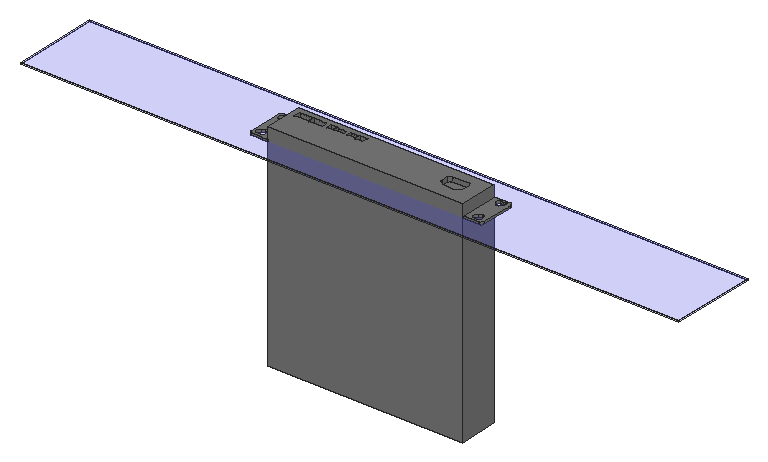
Revit family "QSC SPA2-60 Amplifier Rear Facing Rackmount", category Generic Models, host Face, Revit 2014
Parameters (values of type "SPA2-60 @ 100VAC")
  Width = 8.663"  # constant formula
  Weight Product (lb) = 3.5  # constant formula
  Weight Product (kg) = 1.1  # constant formula
  Weight Dimensional (lb) = 6  # constant formula
  Weight Dimensional (kg) = 2.3  # constant formula
  Voltage AC = "100-240 at 50-60 Hz"  # constant formula
  URL = "http://qsc.com/products/Power_Amplifiers/Spa_Series/SPA2-60/"
  Sustainability Rating = "Energy Star"  # constant formula
  Show Right Ear Short [instance] = yes
  Show Right Ear Long [instance] = no
  Show Left Ear Short [instance] = yes
  Show Left Ear Long [instance] = no
  Regulatory Compliance = "UL, CE, RoHS/WEEE, FCC Class B"  # constant formula
  Product Page URL = "http://qsc.com/products/Power_Amplifiers/Spa_Series/SPA2-60/\r\n\r\n\r\n."
  Product Documentation Link = "http://qsc.com/files/8714/4192/0733/SPA_Series_Specsheet_English.pdf"
  Power Standby = 24  # constant formula
  Power Peak = 150
  Power Active = 90
  Model = "SPA2-60"
  Manufacturer URL = "http://www.qscaudio.com"
  Manufacturer = "QSC Audio Products, LLC"  # constant formula
  Height = 1.730"  # constant formula
  Heat Load Standby = 33  # constant formula
  Heat Load Active = 61  # constant formula
  Face Depth = 0.0788"
  Description = "2 Channel 60 Watt/Channel Amplfier"
  Depth = 9.48819"  # constant formula
  Default Elevation = 0.000"
  Current Draw = 1.5
  Enclosure Material [instance] = Dark Gray Finish
  Amp Only Width = 8.663"  # constant formula
Types (4): name | Power Peak | Power Active | Current Draw
  (no name) | 150 | 90 | 1.5
  SPA2-60 @ 100VAC | 150 | 90 | 1.5
  SPA2-60 @ 120VAC | 180 | 84 | 1.5
  SPA2-60 @ 230VAC | 161 | 138 | 0.7
Reference planes (in)
  plane 1 "Center (Front/Back)": y = 0
  plane 2: z = 0
  plane 3 "Center (Left/Right)": x = 0
  plane 4 "Left": x = -4.3315
  plane 5 "Right": x = 4.3315
  plane 6 "Top": y = 0.865
  plane 7 "Bottom": y = -0.865
  plane 8 "Back": z = -8.93019
  plane 9 "Right Extend Ear": x = 13.8135
  plane 10 "Left Extend Ear": x = -13.8135
  plane 11 "Left Short Ear": x = -5.1529
  plane 12 "Right Short Ear": x = 5.1529
  plane 13 "Front": z = 0.558
  plane 14: z = -4.18609
Forms (in)
  Extrusion 1, solid, material "Glass"
    sketch origin (0, 0, 0) x (1, 0, 0) y (0, 1, 0)
      loop
        line (-14.5, 1.9685) -> (-14.5, -1.88975) -> (14.73031, -1.88975) -> (14.73031, 1.9685) -> (-14.5, 1.9685)
    from 0 to -0.079
  Extrusion 2, solid, material "Dark Gray Finish" <- "Enclosure Material", visible <- "Show Left Ear Short"
    sketch origin (0, 0, 0) x (1, 0, 0) y (0, 1, 0)
      loop
        arc (-5.02784, 0.865) -> (-5.11623, 0.82839) -> (-5.1529, 0.74) r 0.125
        line (-5.1529, 0.74) -> (-5.15284, -0.74)
        arc (-5.15284, -0.74) -> (-5.11623, -0.82839) -> (-5.02784, -0.865) r 0.125
        line (-5.02784, -0.865) -> (-4.3315, -0.865) -> (-4.3315, 0.865) -> (-5.02784, 0.865)
      loop
        line (-4.7552, 0.76559) -> (-4.893, 0.76559)
        arc (-4.893, 0.76559) -> (-5.0266, 0.64002) -> (-4.90953, 0.4989) r 0.13386
        arc (-4.90953, 0.4989) -> (-4.8241, 0.41343) -> (-4.73867, 0.4989) r 0.08543
        arc (-4.73867, 0.4989) -> (-4.6216, 0.64002) -> (-4.7552, 0.76559) r 0.13386
      loop
        arc (-4.7552, -0.75213) -> (-4.6216, -0.62655) -> (-4.73867, -0.48543) r 0.13386
        arc (-4.73867, -0.48543) -> (-4.8241, -0.39996) -> (-4.90953, -0.48543) r 0.08543
        arc (-4.90953, -0.48543) -> (-5.0266, -0.62655) -> (-4.893, -0.75213) r 0.13386
        line (-4.893, -0.75213) -> (-4.7552, -0.75213)
    from 0 to 0.0788 <- "Face Depth"
  Extrusion 3, solid, material "Dark Gray Finish" <- "Enclosure Material", visible <- "Show Right Ear Short"
    sketch origin (0, 0, 0) x (-1, 0, 0) y (0, -1, 0)
      loop
        line (-5.02784, -0.865) -> (-4.3315, -0.865) -> (-4.3315, 0.865) -> (-5.02784, 0.865)
        arc (-5.02784, 0.865) -> (-5.11623, 0.82839) -> (-5.15284, 0.74) r 0.125
        line (-5.15284, 0.74) -> (-5.1529, -0.74)
        arc (-5.1529, -0.74) -> (-5.11623, -0.82839) -> (-5.02784, -0.865) r 0.125
      loop
        arc (-4.7552, -0.76559) -> (-4.6216, -0.64002) -> (-4.73867, -0.4989) r 0.13386
        arc (-4.73867, -0.4989) -> (-4.8241, -0.41343) -> (-4.90953, -0.4989) r 0.08543
        arc (-4.90953, -0.4989) -> (-5.0266, -0.64002) -> (-4.893, -0.76559) r 0.13386
        line (-4.893, -0.76559) -> (-4.7552, -0.76559)
      loop
        line (-4.7552, 0.75213) -> (-4.893, 0.75213)
        arc (-4.893, 0.75213) -> (-5.0266, 0.62655) -> (-4.90953, 0.48543) r 0.13386
        arc (-4.90953, 0.48543) -> (-4.8241, 0.39996) -> (-4.73867, 0.48543) r 0.08543
        arc (-4.73867, 0.48543) -> (-4.6216, 0.62655) -> (-4.7552, 0.75213) r 0.13386
    from 0 to 0.0788 <- "Face Depth"
  Extrusion 4, solid, material "Dark Gray Finish" <- "Enclosure Material", visible <- "Show Right Ear Long"
    sketch origin (0, 0, 0) x (-1, 0, 0) y (0, -1, 0)
      loop
        arc (-13.55582, -0.49787) -> (-13.68968, -0.63173) -> (-13.55582, -0.76559) r 0.13386
        line (-13.55582, -0.76559) -> (-13.41803, -0.76559)
        arc (-13.41803, -0.76559) -> (-13.28417, -0.63173) -> (-13.41803, -0.49787) r 0.13386
        line (-13.41803, -0.49787) -> (-13.55582, -0.49787)
      loop
        arc (-13.55582, 0.75213) -> (-13.68968, 0.61827) -> (-13.55582, 0.48441) r 0.13386
        line (-13.55582, 0.48441) -> (-13.41803, 0.48441)
        arc (-13.41803, 0.48441) -> (-13.28417, 0.61827) -> (-13.41803, 0.75213) r 0.13386
        line (-13.41803, 0.75213) -> (-13.55582, 0.75213)
      loop
        line (-13.8135, 0.74) -> (-13.8135, -0.74)
        arc (-13.8135, -0.74) -> (-13.77689, -0.82839) -> (-13.6885, -0.865) r 0.125
        line (-13.6885, -0.865) -> (-4.3315, -0.865) -> (-4.3315, 0.865) -> (-13.6885, 0.865)
        arc (-13.6885, 0.865) -> (-13.77689, 0.82839) -> (-13.8135, 0.74) r 0.125
    from 0 to 0.0788 <- "Face Depth"
  Extrusion 5, solid, material "Dark Gray Finish" <- "Enclosure Material", visible <- "Show Left Ear Long"
    sketch origin (0, 0, 0) x (1, 0, 0) y (0, 1, 0)
      loop
        line (-13.55582, 0.49787) -> (-13.41803, 0.49787)
        arc (-13.41803, 0.49787) -> (-13.28417, 0.63173) -> (-13.41803, 0.76559) r 0.13386
        line (-13.41803, 0.76559) -> (-13.55582, 0.76559)
        arc (-13.55582, 0.76559) -> (-13.68968, 0.63173) -> (-13.55582, 0.49787) r 0.13386
      loop
        line (-13.55582, -0.75213) -> (-13.41803, -0.75213)
        arc (-13.41803, -0.75213) -> (-13.28417, -0.61827) -> (-13.41803, -0.48441) r 0.13386
        line (-13.41803, -0.48441) -> (-13.55582, -0.48441)
        arc (-13.55582, -0.48441) -> (-13.68968, -0.61827) -> (-13.55582, -0.75213) r 0.13386
      loop
        arc (-13.8135, -0.74) -> (-13.77689, -0.82839) -> (-13.6885, -0.865) r 0.125
        line (-13.6885, -0.865) -> (-4.3315, -0.865) -> (-4.3315, 0.865) -> (-13.6885, 0.865)
        arc (-13.6885, 0.865) -> (-13.77689, 0.82839) -> (-13.8135, 0.74) r 0.125
        line (-13.8135, 0.74) -> (-13.8135, -0.74)
    from 0 to 0.0788 <- "Face Depth"
  Extrusion 6, solid, material "Dark Gray Finish" <- "Enclosure Material"
    sketch origin (0, -0.865, -9.33059) x (-1, 0, 0) y (0, 0, 1)
      loop
        line (4.3315, 0.4004) -> (4.3315, 9.88859) -> (-4.3315, 9.88859) -> (-4.3315, 0.4004) -> (4.3315, 0.4004)
    from 0 to 1.73 <- "Height"
  Extrusion 7, void
    sketch origin (-16.617, -180, 0.558) x (0, -1, 0) y (-1, 0, 0)
      loop
        line (-180.64625, -12.48598) -> (-180.64625, -13.09621) -> (-180.33317, -13.09621) -> (-180.33317, -12.48598) -> (-180.64625, -12.48598)
      loop
        line (-180.33317, -13.74582) -> (-180.33317, -13.13558) -> (-180.64625, -13.13558) -> (-180.64625, -13.74582) -> (-180.33317, -13.74582)
      loop
        line (-180.40133, -13.88153) -> (-180.63567, -13.88153) -> (-180.63567, -14.14216) -> (-180.40133, -14.14216) -> (-180.40133, -13.88153)
      loop
        line (-180.63567, -14.62956) -> (-180.40133, -14.62956) -> (-180.40133, -14.18153) -> (-180.63567, -14.18153) -> (-180.63567, -14.62956)
      loop
        line (-180.40133, -14.7585) -> (-180.63567, -14.7585) -> (-180.63567, -15.11283) -> (-180.40133, -15.11283) -> (-180.40133, -14.7585)
      loop
        line (-180.63567, -15.50653) -> (-180.40133, -15.50653) -> (-180.40133, -15.1522) -> (-180.63567, -15.1522) -> (-180.63567, -15.50653)
      loop
        line (-180.39444, -19.45244) -> (-180.39444, -20.20139)
        arc (-180.39444, -20.20139) -> (-180.36012, -20.28426) -> (-180.27725, -20.31858) r 0.11719
        line (-180.27725, -20.31858) -> (-179.95436, -20.31858)
        arc (-179.95436, -20.31858) -> (-179.92446, -20.31263) -> (-179.89912, -20.2957) r 0.07813
        line (-179.89912, -20.2957) -> (-179.74803, -20.14461)
        arc (-179.74803, -20.14461) -> (-179.73109, -20.11927) -> (-179.72515, -20.08937) r 0.07813
        line (-179.72515, -20.08937) -> (-179.72515, -19.56354)
        arc (-179.72515, -19.56354) -> (-179.73109, -19.53364) -> (-179.74803, -19.5083) r 0.07813
        line (-179.74803, -19.5083) -> (-179.89912, -19.35721)
        arc (-179.89912, -19.35721) -> (-179.92446, -19.34028) -> (-179.95436, -19.33433) r 0.07813
        line (-179.95436, -19.33433) -> (-180.27633, -19.33433)
        arc (-180.27633, -19.33433) -> (-180.35985, -19.36892) -> (-180.39444, -19.45244) r 0.11811
    from 0 to 0.19685
  Extrusion 8, void
    sketch origin (0, 0, -8.93019) x (1, 0, 0) y (0, 1, 0)
      loop
        line (-0.1475, 0.55192) -> (-3.85217, 0.55192)
        arc (-3.85217, 0.55192) -> (-3.96265, 0.50615) -> (-4.00842, 0.39567) r 0.15625
        line (-4.00842, 0.39567) -> (-4.00842, 0.03888)
        arc (-4.00842, 0.03888) -> (-3.96265, -0.07161) -> (-3.85217, -0.11737) r 0.15625
        line (-3.85217, -0.11737) -> (-0.1475, -0.11737)
        arc (-0.1475, -0.11737) -> (-0.03701, -0.07161) -> (0.00875, 0.03888) r 0.15625
        line (0.00875, 0.03888) -> (0.00875, 0.39567)
        arc (0.00875, 0.39567) -> (-0.03701, 0.50615) -> (-0.1475, 0.55192) r 0.15625
    from 0 to 0.079
Cuts and joins
  Extrusion 7, Extrusion 8 cuts Extrusion 6
Lines and regions (in)
  model lines, style "GenericModel", not visible, detail levels fine
    curve 1: line (13.55599, -1.01274, 0.03125) -> (13.46873, -0.89778, 0.03125)
    curve 2: line (13.46873, -0.89778, 0.03125) -> (13.55599, -1.01274, 0.03125)
    curve 3: line (13.15237, -0.99839, 0.03125) -> (13.18534, -0.8798, 0.03125)
    curve 4: line (13.18534, -0.8798, 0.03125) -> (13.15237, -0.99839, 0.03125)
    curve 5: line (13.20744, -1.07691, 0.03125) -> (13.18283, -0.85745, 0.03125)
    curve 6: line (13.18283, -0.85745, 0.03125) -> (13.20744, -1.07691, 0.03125)
    curve 7: line (13.67283, -0.92336, 0.03125) -> (13.75064, -0.98053, 0.03125)
    curve 8: line (13.75064, -0.98053, 0.03125) -> (13.67283, -0.92336, 0.03125)
    curve 17: line (-3.35339, 0.42119, 0) -> (-3.44988, 0.54832, 0)
    curve 18: line (-3.44988, 0.54832, 0) -> (-3.35339, 0.42119, 0)
    curve 19: line (-3.7997, 0.43707, 0) -> (-3.76325, 0.5682, 0)
    curve 20: line (-3.76325, 0.5682, 0) -> (-3.7997, 0.43707, 0)
    curve 21: line (-3.73881, 0.35024, 0) -> (-3.76602, 0.59291, 0)
    curve 22: line (-3.76602, 0.59291, 0) -> (-3.73881, 0.35024, 0)
    curve 23: line (-3.22419, 0.52002, 0) -> (-3.13815, 0.45681, 0)
    curve 24: line (-3.13815, 0.45681, 0) -> (-3.22419, 0.52002, 0)
    curve 29: line (0.11657, 3.50981, -0.4004) -> (0.02008, 3.63693, -0.4004)
    curve 30: line (0.02008, 3.63693, -0.4004) -> (0.11657, 3.50981, -0.4004)
    curve 31: line (-0.32975, 3.52568, -0.4004) -> (-0.29329, 3.65681, -0.4004)
    curve 32: line (-0.29329, 3.65681, -0.4004) -> (-0.32975, 3.52568, -0.4004)
    curve 33: line (-0.26886, 3.43885, -0.4004) -> (-0.29607, 3.68153, -0.4004)
    curve 34: line (-0.29607, 3.68153, -0.4004) -> (-0.26886, 3.43885, -0.4004)
    curve 35: line (0.24577, 3.60864, -0.4004) -> (0.33181, 3.54542, -0.4004)
    curve 36: line (0.33181, 3.54542, -0.4004) -> (0.24577, 3.60864, -0.4004)
    curve 37: line (-3.35339, 0.42119, -8.93019) -> (-3.44988, 0.54832, -8.93019)
    curve 38: line (-3.44988, 0.54832, -8.93019) -> (-3.35339, 0.42119, -8.93019)
    curve 39: line (-3.7997, 0.43707, -8.93019) -> (-3.76325, 0.5682, -8.93019)
    curve 40: line (-3.76325, 0.5682, -8.93019) -> (-3.7997, 0.43707, -8.93019)
    curve 41: line (-3.73881, 0.35024, -8.93019) -> (-3.76602, 0.59291, -8.93019)
    curve 42: line (-3.76602, 0.59291, -8.93019) -> (-3.73881, 0.35024, -8.93019)
    curve 43: line (-3.22419, 0.52002, -8.93019) -> (-3.13815, 0.45681, -8.93019)
    curve 44: line (-3.13815, 0.45681, -8.93019) -> (-3.22419, 0.52002, -8.93019)
  model lines, not visible
    curve 9: arc (-4.09496, -0.0625, 1.79211) -> (-3.79966, 0.2328, 1.79211) -> (-3.50436, -0.0625, 1.79211) r 0.2953
    curve 10: arc (-3.50436, -0.0625, 1.79211) -> (-3.79966, -0.3578, 1.79211) -> (-4.09496, -0.0625, 1.79211) r 0.2953
    curve 11: arc (2.90932, 0.1875, 1.79211) -> (3.51952, 0.7977, 1.79211) -> (4.12972, 0.1875, 1.79211) r 0.6102
    curve 12: arc (4.12972, 0.1875, 1.79211) -> (3.51952, -0.4227, 1.79211) -> (2.90932, 0.1875, 1.79211) r 0.6102
    curve 13: line (2.1373, 0.9632, 1.79211) -> (2.1373, -0.8138, 1.79211)
    curve 14: line (2.1373, -0.8138, 1.79211) -> (-0.6525, -0.8138, 1.79211)
    curve 15: line (-0.6525, -0.8138, 1.79211) -> (-0.6525, 0.9632, 1.79211)
    curve 16: line (-0.6525, 0.9632, 1.79211) -> (2.1373, 0.9632, 1.79211)
    curve 25: line (-0.04, 0.55192, 0) -> (3.97575, 0.55192, 0)
    curve 26: line (-0.04, -0.11737, 0) -> (-0.04, 0.55192, 0)
    curve 27: line (3.97575, -0.11737, 0) -> (-0.04, -0.11737, 0)
    curve 28: line (3.97575, 0.55192, 0) -> (3.97575, -0.11737, 0)
  model lines, style "GenericModel", detail levels fine
    curve 45: line (3.29089, 0.35869, -8.93019) -> (3.38738, 0.48582, -8.93019)
    curve 46: line (3.38738, 0.48582, -8.93019) -> (3.29089, 0.35869, -8.93019)
    curve 47: line (3.7372, 0.37457, -8.93019) -> (3.70075, 0.5057, -8.93019)
    curve 48: line (3.70075, 0.5057, -8.93019) -> (3.7372, 0.37457, -8.93019)
    curve 49: line (3.67631, 0.28774, -8.93019) -> (3.70352, 0.53041, -8.93019)
    curve 50: line (3.70352, 0.53041, -8.93019) -> (3.67631, 0.28774, -8.93019)
    curve 51: line (3.16169, 0.45752, -8.93019) -> (3.07565, 0.39431, -8.93019)
    curve 52: line (3.07565, 0.39431, -8.93019) -> (3.16169, 0.45752, -8.93019)
Dimensions and locks (in)
  equal spacing: plane 6 "Top", plane 1 "Center (Front/Back)", plane 7 "Bottom"
  "Height": plane 6 "Top" to plane 7 "Bottom"
  equal spacing: plane 4 "Left", plane 3 "Center (Left/Right)", plane 5 "Right"
  "Width": plane 4 "Left" to plane 5 "Right"
  plane 4 "Left" to plane 5 "Right" = 8.663"
  plane 5 "Right" to plane 9 "Right Extend Ear" = 9.482"
  plane 10 "Left Extend Ear" to plane 4 "Left" = 9.482"
  plane 11 "Left Short Ear" to plane 4 "Left" = 0.8214"
  plane 5 "Right" to plane 12 "Right Short Ear" = 0.8214"
  equal spacing: plane 13 "Front", plane 14, plane 8 "Back"
  plane 13 "Front" to plane 2 = 0.558"
  "Depth": plane 13 "Front" to plane 8 "Back"
  aligned and locked: plane 2 to Extrusion 1
  aligned and locked: level to Extrusion 1
  aligned and locked: Extrusion 2 sketch curve to plane 6 "Top"
  aligned and locked: plane 11 "Left Short Ear" to Extrusion 2 sketch curve
  aligned and locked: plane 9 "Right Extend Ear" to Extrusion 4 sketch curve
  aligned and locked: Extrusion 4 sketch curve to plane 7 "Bottom"
  aligned and locked: Extrusion 4 sketch curve to plane 6 "Top"
Automatic sketch dimensions
  curve 26 to curve 27 = 4.01575"
  curve 27 to curve 25 = 0.66929"
  curve 23 to curve 24 = 0.000"  (x3)
  curve 24 to curve 23 = 0.08604"
  curve 18 to curve 23 = 0.1292"
  curve 17 to curve 18 = 0.000"  (x2)
  curve 17 to curve 18 = 0.09649"
  curve 18 to curve 17 = 0.000"  (x2)
  curve 21 to curve 17 = 0.28894"
  curve 22 to curve 21 = 0.000"  (x2)
  curve 20 to curve 21 = 0.02444"
  curve 19 to curve 20 = 0.000"  (x2)
  curve 22 to curve 19 = 0.00277"
  curve 21 to curve 22 = 0.000"  (x2)
  curve 19 to curve 21 = 0.06089"
  curve 20 to curve 19 = 0.000"
  curve 22 to curve 18 = 0.07095"
  curve 21 to curve 20 = 0.08683"
  curve 17 to curve 23 = 0.03562"
  curve 24 to curve 23 = 0.000"
  curve 23 to curve 24 = 0.06321"
  curve 18 to curve 17 = 0.12712"
  curve 20 to curve 20 = 0.13113"
  curve 24 to curve 25 = 3.09814"
  curve 22 to curve 25 = 0.20168"
  curve 33 to curve 34 = 0.000"  (x2)
  curve 29 to curve 33 = 0.38542"
  curve 30 to curve 29 = 0.000"  (x3)
  curve 33 to curve 32 = 0.06089"
  curve 31 to curve 32 = 0.000"  (x3)
  curve 35 to curve 29 = 0.21524"
  curve 36 to curve 35 = 0.000"  (x2)
  curve 35 to curve 35 = 0.08604"
  curve 29 to curve 29 = 0.09649"
  curve 31 to curve 34 = 0.00277"
  curve 31 to curve 33 = 0.15585"
  curve 34 to curve 33 = 0.000"  (x2)
  curve 31 to curve 33 = 0.02471"
  curve 32 to curve 31 = 0.000"
  curve 33 to curve 31 = 0.08683"
  curve 30 to curve 31 = 0.01989"
  curve 29 to curve 30 = 0.000"
  curve 29 to curve 29 = 0.12712"
  curve 29 to curve 36 = 0.09883"
  curve 35 to curve 36 = 0.000"  (x2)
  curve 36 to curve 35 = 0.06321"
  curve 43 to curve 44 = 0.000"
  curve 43 to curve 43 = 0.08604"
  curve 44 to curve 43 = 0.000"  (x3)
  curve 43 to curve 38 = 0.1292"
  curve 37 to curve 38 = 0.000"  (x3)
  curve 38 to curve 37 = 0.09649"
  curve 38 to curve 37 = 0.000"
  curve 37 to curve 42 = 0.28894"
  curve 41 to curve 42 = 0.000"  (x2)
  curve 41 to curve 40 = 0.02444"
  curve 39 to curve 40 = 0.000"  (x2)
  curve 39 to curve 41 = 0.00277"
  curve 42 to curve 41 = 0.000"  (x2)
  curve 41 to curve 40 = 0.06089"
  curve 42 to curve 40 = 0.02471"
  curve 39 to curve 38 = 0.01989"
  curve 37 to curve 43 = 0.02829"
  curve 44 to curve 43 = 0.06321"
  curve 40 to curve 39 = 0.000"
  curve 37 to curve 38 = 0.12712"
  curve 39 to curve 41 = 0.08683"
  curve 51 to curve 52 = 0.000"
  curve 51 to curve 51 = 0.08604"
  curve 52 to curve 51 = 0.000"  (x3)
  curve 51 to curve 46 = 0.1292"
  curve 45 to curve 46 = 0.000"  (x3)
  curve 46 to curve 45 = 0.09649"
  curve 46 to curve 45 = 0.000"
  curve 45 to curve 50 = 0.28894"
  curve 49 to curve 50 = 0.000"  (x2)
  curve 49 to curve 48 = 0.02444"
  curve 47 to curve 48 = 0.000"  (x2)
  curve 47 to curve 49 = 0.00277"
  curve 50 to curve 49 = 0.000"  (x2)
  curve 49 to curve 48 = 0.06089"
  curve 48 to curve 50 = 0.02471"
  curve 46 to curve 47 = 0.01989"
  curve 51 to curve 45 = 0.02829"
  curve 51 to curve 52 = 0.06321"
  curve 48 to curve 47 = 0.000"
  curve 46 to curve 45 = 0.12712"
  curve 49 to curve 47 = 0.08683"
  Extrusion 1 sketch curve to Extrusion 1 sketch curve = 29.23031"
  Extrusion 1 sketch curve to Extrusion 1 sketch curve = 3.85825"
  Extrusion 2 sketch curve to plane 7 "Bottom" = 0.000"
  Extrusion 2 sketch curve to plane 4 "Left" = 0.000"
  plane 11 "Left Short Ear" to Extrusion 2 sketch curve = 0.12506"  (x2)
  Extrusion 2 sketch curve to Extrusion 2 sketch curve = 0.13484"  (x2)
  Extrusion 2 sketch curve to Extrusion 2 sketch curve = 0.0689"  (x2)
  Extrusion 2 sketch curve to Extrusion 2 sketch curve = 0.1378"  (x2)
  plane 7 "Bottom" to Extrusion 2 sketch curve = 0.11287"
  plane 7 "Bottom" to Extrusion 2 sketch curve = 0.125"
  Extrusion 2 sketch curve to Extrusion 2 sketch curve = 0.13386"  (x2)
  Extrusion 2 sketch curve to Extrusion 2 sketch curve = 0.13287"  (x2)
  Extrusion 2 sketch curve to plane 6 "Top" = 0.36614"
  Extrusion 2 sketch curve to Extrusion 2 sketch curve = 0.000"  (x3)
  Extrusion 2 sketch curve to Extrusion 2 sketch curve = 0.125"
  Extrusion 2 sketch curve to plane 6 "Top" = 0.09941"
  Extrusion 2 sketch curve to Extrusion 2 sketch curve = 0.08543"  (x2)
  Extrusion 3 sketch curve to plane 12 "Right Short Ear" = 0.000"
  Extrusion 3 sketch curve to plane 7 "Bottom" = 0.000"
  Extrusion 3 sketch curve to plane 6 "Top" = 0.000"
  Extrusion 3 sketch curve to plane 5 "Right" = 0.000"
  plane 12 "Right Short Ear" to Extrusion 3 sketch curve = 0.12506"  (x2)
  Extrusion 3 sketch curve to Extrusion 3 sketch curve = 0.13484"  (x2)
  Extrusion 3 sketch curve to Extrusion 3 sketch curve = 0.0689"  (x2)
  Extrusion 3 sketch curve to Extrusion 3 sketch curve = 0.1378"  (x2)
  Extrusion 3 sketch curve to plane 7 "Bottom" = 0.11287"
  Extrusion 3 sketch curve to Extrusion 3 sketch curve = 0.125"
  Extrusion 3 sketch curve to Extrusion 3 sketch curve = 0.13386"  (x2)
  Extrusion 3 sketch curve to Extrusion 3 sketch curve = 0.13287"  (x2)
  plane 6 "Top" to Extrusion 3 sketch curve = 0.36614"
  Extrusion 3 sketch curve to Extrusion 3 sketch curve = 0.000"  (x3)
  plane 6 "Top" to Extrusion 3 sketch curve = 0.125"
  plane 6 "Top" to Extrusion 3 sketch curve = 0.09941"
  Extrusion 3 sketch curve to Extrusion 3 sketch curve = 0.08543"  (x2)
  Extrusion 4 sketch curve to plane 5 "Right" = 0.000"
  plane 9 "Right Extend Ear" to Extrusion 4 sketch curve = 0.125"
  Extrusion 4 sketch curve to Extrusion 4 sketch curve = 0.125"
  Extrusion 4 sketch curve to Extrusion 4 sketch curve = 0.13268"  (x2)
  Extrusion 4 sketch curve to Extrusion 4 sketch curve = 0.1378"  (x2)
  Extrusion 4 sketch curve to plane 7 "Bottom" = 0.11287"
  Extrusion 4 sketch curve to Extrusion 4 sketch curve = 0.13386"  (x2)
  Extrusion 4 sketch curve to Extrusion 4 sketch curve = 0.24213"
  Extrusion 5 sketch curve to plane 10 "Left Extend Ear" = 0.000"
  Extrusion 5 sketch curve to plane 6 "Top" = 0.000"
  Extrusion 5 sketch curve to plane 7 "Bottom" = 0.000"
  Extrusion 5 sketch curve to plane 4 "Left" = 0.000"
  plane 10 "Left Extend Ear" to Extrusion 5 sketch curve = 0.125"
  Extrusion 5 sketch curve to Extrusion 5 sketch curve = 0.125"
  Extrusion 5 sketch curve to Extrusion 5 sketch curve = 0.13268"  (x2)
  Extrusion 5 sketch curve to Extrusion 5 sketch curve = 0.1378"  (x2)
  plane 7 "Bottom" to Extrusion 5 sketch curve = 0.11287"
  Extrusion 5 sketch curve to Extrusion 5 sketch curve = 0.13386"  (x2)
  Extrusion 5 sketch curve to Extrusion 5 sketch curve = 0.24213"
  Extrusion 6 sketch curve to plane 5 "Right" = 0.000"
  Extrusion 6 sketch curve to plane 4 "Left" = 0.000"
  Extrusion 6 sketch curve to plane 8 "Back" = 0.000"
  Extrusion 6 sketch curve to plane 13 "Front" = 0.000"
  plane 4 "Left" to Extrusion 8 sketch curve = 0.32308"
  plane 1 "Center (Front/Back)" to Extrusion 8 sketch curve = 0.11737"
  Extrusion 8 sketch curve to Extrusion 8 sketch curve = 0.15625"  (x2)
  Extrusion 8 sketch curve to plane 3 "Center (Left/Right)" = 0.1475"  (x2)
  plane 3 "Center (Left/Right)" to Extrusion 8 sketch curve = 0.00875"
  Extrusion 8 sketch curve to Extrusion 8 sketch curve = 0.35679"
  Extrusion 7 sketch curve to plane 6 "Top" = 0.21875"
  Extrusion 7 sketch curve to Extrusion 7 sketch curve = 0.000"  (x5)
  Extrusion 7 sketch curve to plane 6 "Top" = 0.22933"  (x2)
  Extrusion 7 sketch curve to Extrusion 7 sketch curve = 0.23434"  (x3)
  Extrusion 7 sketch curve to plane 1 "Center (Front/Back)" = 0.39444"
  Extrusion 7 sketch curve to Extrusion 7 sketch curve = 0.31308"
  Extrusion 7 sketch curve to Extrusion 7 sketch curve = 0.11719"
  Extrusion 7 sketch curve to Extrusion 7 sketch curve = 0.11811"
  plane 1 "Center (Front/Back)" to Extrusion 7 sketch curve = 0.04564"  (x2)
  Extrusion 7 sketch curve to Extrusion 7 sketch curve = 0.05524"  (x4)
  plane 1 "Center (Front/Back)" to Extrusion 7 sketch curve = 0.19673"  (x2)
  Extrusion 7 sketch curve to Extrusion 7 sketch curve = 0.02288"  (x2)
  plane 4 "Left" to Extrusion 7 sketch curve = 0.20047"
  Extrusion 7 sketch curve to Extrusion 7 sketch curve = 0.61024"  (x2)
  Extrusion 7 sketch curve to Extrusion 7 sketch curve = 0.03937"  (x3)
  Extrusion 7 sketch curve to Extrusion 7 sketch curve = 0.13571"
  Extrusion 7 sketch curve to Extrusion 7 sketch curve = 0.12894"
  Extrusion 7 sketch curve to Extrusion 7 sketch curve = 0.35433"  (x2)
  Extrusion 7 sketch curve to plane 5 "Right" = 1.61417"
  Extrusion 7 sketch curve to Extrusion 7 sketch curve = 0.15109"
  Extrusion 7 sketch curve to Extrusion 7 sketch curve = 0.52583"
  Extrusion 7 sketch curve to Extrusion 7 sketch curve = 0.11202"
  Extrusion 7 sketch curve to Extrusion 7 sketch curve = 0.07812"
  Extrusion 7 sketch curve to Extrusion 7 sketch curve = 0.26063"
  Extrusion 7 sketch curve to Extrusion 7 sketch curve = 0.44803"
  curve 32 to curve 31 = 0.03645"
Connectors (in)
  electrical at (3.20953, -0.00035, 0.36115)
    settings: on cut or joined group of Extrusion 6, Extrusion 7, Extrusion 8, index 1, voltage 0 V, apparent load 0 VA, apparent load phase1 0 VA, apparent load phase2 0 VA, apparent load phase3 0 VA, power factor 1, load classification "Other", number of poles 1, system type 31, power factor state 1, is connector primary yes, connector utility no, sub classification motor no, connector description ""
  electrical at (-3.82591, 0.48971, 0.36115)
    settings: on cut or joined group of Extrusion 6, Extrusion 7, Extrusion 8, index 2, voltage 0 V, apparent load 0 VA, apparent load phase1 0 VA, apparent load phase2 0 VA, apparent load phase3 0 VA, power factor 1, load classification "Other", number of poles 1, system type 14, power factor state 1, is connector primary no, connector utility no, sub classification motor no, connector description "Output 1"
  electrical at (-3.1763, 0.48971, 0.36115)
    settings: on cut or joined group of Extrusion 6, Extrusion 7, Extrusion 8, index 3, voltage 0 V, apparent load 0 VA, apparent load phase1 0 VA, apparent load phase2 0 VA, apparent load phase3 0 VA, power factor 1, load classification "Other", number of poles 1, system type 14, power factor state 1, is connector primary no, connector utility no, sub classification motor no, connector description "Output 2"
  electrical at (-3.82591, 0.48971, 0.36115)
    settings: on cut or joined group of Extrusion 6, Extrusion 7, Extrusion 8, index 4, voltage 0 V, apparent load 0 VA, apparent load phase1 0 VA, apparent load phase2 0 VA, apparent load phase3 0 VA, power factor 1, load classification "Other", number of poles 1, system type 14, power factor state 1, is connector primary no, connector utility no, sub classification motor no, connector description "Output 3"
  electrical at (-3.82591, 0.48971, 0.36115)
    settings: on cut or joined group of Extrusion 6, Extrusion 7, Extrusion 8, index 5, voltage 0 V, apparent load 0 VA, apparent load phase1 0 VA, apparent load phase2 0 VA, apparent load phase3 0 VA, power factor 1, load classification "Other", number of poles 1, system type 14, power factor state 1, is connector primary no, connector utility no, sub classification motor no, connector description "Output 4"
  electrical at (-2.60516, 0.5185, 0.36115)
    settings: on cut or joined group of Extrusion 6, Extrusion 7, Extrusion 8, index 6, voltage 0 V, apparent load 0 VA, apparent load phase1 0 VA, apparent load phase2 0 VA, apparent load phase3 0 VA, power factor 1, load classification "Other", number of poles 1, system type 14, power factor state 1, is connector primary no, connector utility no, sub classification motor no, connector description "Ch 1&2 Standby Control"
  electrical at (-2.21146, 0.5185, 0.36115)
    settings: on cut or joined group of Extrusion 6, Extrusion 7, Extrusion 8, index 7, voltage 0 V, apparent load 0 VA, apparent load phase1 0 VA, apparent load phase2 0 VA, apparent load phase3 0 VA, power factor 1, load classification "Other", number of poles 1, system type 14, power factor state 1, is connector primary no, connector utility no, sub classification motor no, connector description "Ch 1&2 Volume Control"
  electrical at (-3.82591, 0.48971, 0.36115)
    settings: on cut or joined group of Extrusion 6, Extrusion 7, Extrusion 8, index 8, voltage 0 V, apparent load 0 VA, apparent load phase1 0 VA, apparent load phase2 0 VA, apparent load phase3 0 VA, power factor 1, load classification "Other", number of poles 1, system type 14, power factor state 1, is connector primary no, connector utility no, sub classification motor no, connector description "Ch 3&4 Standby Control"
  electrical at (-3.82591, 0.48971, 0.36115)
    settings: on cut or joined group of Extrusion 6, Extrusion 7, Extrusion 8, index 9, voltage 0 V, apparent load 0 VA, apparent load phase1 0 VA, apparent load phase2 0 VA, apparent load phase3 0 VA, power factor 1, load classification "Other", number of poles 1, system type 14, power factor state 1, is connector primary no, connector utility no, sub classification motor no, connector description "Ch 3&4 Volume Control"
  electrical at (-1.68134, 0.5185, 0.36115)
    settings: on cut or joined group of Extrusion 6, Extrusion 7, Extrusion 8, index 10, voltage 0 V, apparent load 0 VA, apparent load phase1 0 VA, apparent load phase2 0 VA, apparent load phase3 0 VA, power factor 1, load classification "Other", number of poles 1, system type 14, power factor state 1, is connector primary no, connector utility no, sub classification motor no, connector description "Input 1"
  electrical at (-1.28764, 0.5185, 0.36115)
    settings: on cut or joined group of Extrusion 6, Extrusion 7, Extrusion 8, index 11, voltage 0 V, apparent load 0 VA, apparent load phase1 0 VA, apparent load phase2 0 VA, apparent load phase3 0 VA, power factor 1, load classification "Other", number of poles 1, system type 14, power factor state 1, is connector primary no, connector utility no, sub classification motor no, connector description "Input 2"
  electrical at (-3.82591, 0.48971, 0.36115)
    settings: on cut or joined group of Extrusion 6, Extrusion 7, Extrusion 8, index 12, voltage 0 V, apparent load 0 VA, apparent load phase1 0 VA, apparent load phase2 0 VA, apparent load phase3 0 VA, power factor 1, load classification "Other", number of poles 1, system type 14, power factor state 1, is connector primary no, connector utility no, sub classification motor no, connector description "Input 4"
  electrical at (-3.82591, 0.48971, 0.36115)
    settings: on cut or joined group of Extrusion 6, Extrusion 7, Extrusion 8, index 13, voltage 0 V, apparent load 0 VA, apparent load phase1 0 VA, apparent load phase2 0 VA, apparent load phase3 0 VA, power factor 1, load classification "Other", number of poles 1, system type 14, power factor state 1, is connector primary no, connector utility no, sub classification motor no, connector description "Input 3"
